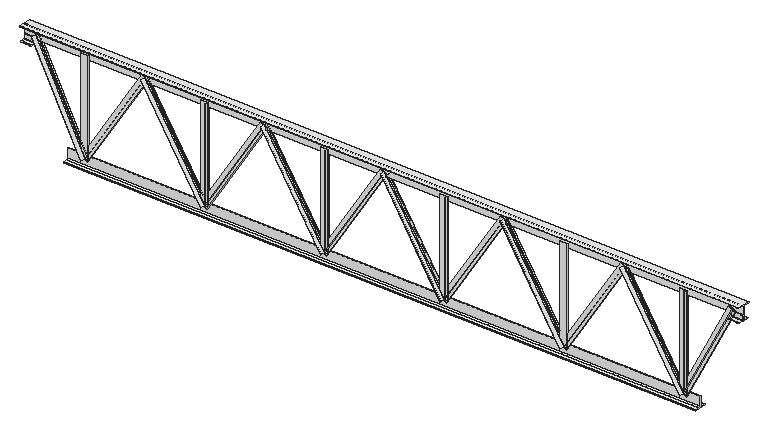
Revit family "Caibro da barra - Banzo com corte em T com trama com corte em T", category Quadro estrutural, Revit 2019
Family settings
  Arredondamento do comprimento do framing estrutural = 1 mm
  Forma do corte = Não definido
  Material para o comportamento do modelo = Aço
  Exportar sempre como geometria = Sim
  Sempre na vertical = Sim
  Corte com vazios quando carregada = Não
  Representação simbólica = Da família
  Compartilhado = Não
  Exibir o pré-corte da família na vista da planta = Sim
Parameters (values of type "WT D150")
  Material da rede [instance] = Metal - Aço - 250 MPa
  Tipo vertical [instance] = Vertical : WT 75X6.5
  Visibilidade do membro vertical = yes
  Tipo de banzo superior [instance] = Banzo superior : WT 155X19.35
  Structural Material [instance] = Metal - Aço - 250 MPa
  Deslocamento inicial [instance] = 0 mm
  Extensão inicial do cordão superior [instance] = 0 mm
  SpaceNum [instance] = 2 * Número da metade do espaço  # 12
  Espessura do perfil do assento = 6.4 mm
  Altura do perfil do assento = 76.2 mm
  Comprimento do assento = 150 mm
  Profundidade do assento [instance] = 200 mm
  Tipo diagonal [instance] = Diagonal : WT 75X6.5
  Linear = 1500 mm
  LarguraPainel [instance] = Length / SpaceNum  # 833.333 mm
  NumMatrizPainel 2 [instance] = Meio NúmeroMatrizPainel + 1  # 6
  NumMatrizPainel 1 [instance] = Meio NúmeroMatrizPainel  # 5
  NumMatrizPainel [instance] = SpaceNum - 3  # 9
  Altura do painel [instance] = Linear - Profundidade do assento  # 1300 mm
  Comprimento do deslocamento 2 [instance] = Painel final - Deslocamento final + Extensão final do cordão inferior  # 233.333 mm
  Comprimento do deslocamento 1 [instance] = Painel final - Deslocamento inicial + Extensão inicial do cordão inferior  # 233.333 mm
  Número da metade do espaço [instance] = 6
  Altura de metade do banzo [instance] = Profundidade do assento / 2  # 100 mm
  Tipo de banzo inferior [instance] = Banzo inferior : WT 155X19.35
  Extensão inicial do cordão inferior [instance] = -600 mm
  Extensão final do cordão inferior [instance] = -600 mm
  Meio NúmeroMatrizPainel [instance] = NumMatrizPainel / 2  # 5
  Painel final [instance] = LarguraPainel  # 833.333 mm
  Deslocamento final [instance] = 0 mm
  Extensão final do cordão superior [instance] = 0 mm
  Assembly Code = ""
  Length [instance] = 10000 mm
Reference planes
  plane 1 "Centro (Frente/Trás)": y = 0
  plane 2: z = 0
  plane 3 "Centro (Esquerda/Direita)": x = 458.446
  plane 4 "Membro esquerdo": x = -3381.554
  plane 5 "Membro direito": x = 3560.61
  plane 6: z = 750
  plane 7: z = -750
  plane 8 "Esquerda": x = -4541.554
  plane 9 "Símbolo esquerdo de verga": x = -5435.59
  plane 10 "Símbolo direito de verga": x = 6401.136
  plane 11 "Direita": x = 5458.446
  plane 12: x = -4391.554
  plane 13: x = -3708.221
  plane 14: x = 5308.446
  plane 15: x = 4625.112
  plane 16: x = -4541.554
  plane 17: x = 5458.446
  plane 18: x = -4541.554
  plane 19: x = 5458.446
  plane 20: x = 3791.779
  plane 21: x = 2958.446
  plane 22: x = -2874.888
  plane 23: x = -2041.554
  plane 24: x = -1208.221
  plane 25: x = -3941.554
  plane 26: x = 4858.446
  plane 27: x = -5435.59
  plane 28 "Esquerda do símbolo": x = -5435.59
  plane 29: x = 6401.136
  plane 30 "Direita do símbolo": x = 6401.136
  plane 31: z = 650
  plane 32: z = -650
  plane 33: z = 550
Forms (mm)
  Sweep 1, solid, material "Metal - Aço - 250 MPa" <- "Structural Material", detail levels medium+fine
    path origin (-4301.41, 2.9, 728.436) x (1, 0, 0) y (0, 0, -1)
      loop
        line (-240.144, 178.436) -> (-90.144, 178.436)
    profile "Assento - Perfil : Assento - Perfil" origin (-4466.554, 2.9, 550) x (0, 0, -1) y (0, 1, 0)
      loop
        arc (0, 76.2) -> (-4.525, 74.325) -> (-6.4, 69.8) r 6.4
        line (-6.4, 69.8) -> (-6.4, 12.8)
        arc (-6.4, 12.8) -> (-8.275, 8.275) -> (-12.8, 6.4) r 6.4
        line (-12.8, 6.4) -> (-69.8, 6.4)
        arc (-69.8, 6.4) -> (-74.325, 4.525) -> (-76.2, 0) r 6.4
        line (-76.2, 0) -> (0, 0) -> (0, 76.2)
  Sweep 2, solid, material "Metal - Aço - 250 MPa" <- "Structural Material", detail levels medium+fine
    path origin (-4656.222, -2.9, 613.886) x (1, 0, 0) y (0, 0, 1)
      loop
        line (264.668, -63.886) -> (114.668, -63.886)
    profile "Assento - Perfil : Assento - Perfil" origin (-4466.554, -2.9, 550) x (0, 0, -1) y (0, -1, 0)
      loop
        arc (0, 76.2) -> (-4.525, 74.325) -> (-6.4, 69.8) r 6.4
        line (-6.4, 69.8) -> (-6.4, 12.8)
        arc (-6.4, 12.8) -> (-8.275, 8.275) -> (-12.8, 6.4) r 6.4
        line (-12.8, 6.4) -> (-69.8, 6.4)
        arc (-69.8, 6.4) -> (-74.325, 4.525) -> (-76.2, 0) r 6.4
        line (-76.2, 0) -> (0, 0) -> (0, 76.2)
  Sweep 3, solid, material "Metal - Aço - 250 MPa" <- "Structural Material", detail levels medium+fine
    path origin (-4735.36, 2.9, 729.049) x (1, 0, 0) y (0, 0, -1)
      loop
        line (10043.805, 179.049) -> (10193.805, 179.049)
    profile "Assento - Perfil : Assento - Perfil" origin (5383.446, 2.9, 550) x (0, 0, -1) y (0, 1, 0)
      loop
        arc (0, 76.2) -> (-4.525, 74.325) -> (-6.4, 69.8) r 6.4
        line (-6.4, 69.8) -> (-6.4, 12.8)
        arc (-6.4, 12.8) -> (-8.275, 8.275) -> (-12.8, 6.4) r 6.4
        line (-12.8, 6.4) -> (-69.8, 6.4)
        arc (-69.8, 6.4) -> (-74.325, 4.525) -> (-76.2, 0) r 6.4
        line (-76.2, 0) -> (0, 0) -> (0, 76.2)
  Sweep 4, solid, material "Metal - Aço - 250 MPa" <- "Structural Material", detail levels medium+fine
    path origin (-4750.294, -2.9, 616.137) x (1, 0, 0) y (0, 0, 1)
      loop
        line (10208.74, -66.137) -> (10058.74, -66.137)
    profile "Assento - Perfil : Assento - Perfil" origin (5383.446, -2.9, 550) x (0, 0, -1) y (0, -1, 0)
      loop
        arc (0, 76.2) -> (-4.525, 74.325) -> (-6.4, 69.8) r 6.4
        line (-6.4, 69.8) -> (-6.4, 12.8)
        arc (-6.4, 12.8) -> (-8.275, 8.275) -> (-12.8, 6.4) r 6.4
        line (-12.8, 6.4) -> (-69.8, 6.4)
        arc (-69.8, 6.4) -> (-74.325, 4.525) -> (-76.2, 0) r 6.4
        line (-76.2, 0) -> (0, 0) -> (0, 76.2)
Lines and regions (mm)
  symbolic lines, style "StructuralFraming", detail levels coarse+medium
    curve 1: line (0, 0, -750) -> (0, 0, 750)
  reference lines
    curve 2: line (-5285.59, 0, -873.508) -> (-5285.59, 0, 829.692)
    curve 3: line (-4452.257, 0, -879.858) -> (-4452.257, 0, 829.692)
    curve 4: line (6251.136, 0, -820.588) -> (6251.136, 0, 831.812)
    curve 5: line (5417.803, 0, -947.588) -> (5417.803, 0, 831.812)
  model lines, style "Viga mestra da travessa", detail levels coarse
    curve 6: line (5417.803, 0, -750) -> (-4452.257, 0, -750)
    curve 7: line (6401.136, 0, 750) -> (-5435.59, 0, 750)
  model lines, style "Caibro da teia", detail levels coarse
    curve 8: line (-4452.257, 0, -750) -> (-5285.59, 0, 750)
    curve 9: line (5417.803, 0, -750) -> (6251.136, 0, 750)
Dimensions and locks
  equal spacing: plane 7, plane 2, plane 6
  "Length": plane 8 "Esquerda" to plane 11 "Direita"
  equal spacing: plane 8 "Esquerda", plane 3 "Centro (Esquerda/Direita)", plane 11 "Direita"
  "Painel final": curve 3 to curve 2
  "Painel final": curve 4 to curve 5
  "Linear": plane 7 to plane 6
  "Painel final": plane 8 "Esquerda" to plane 13
  "Painel final": plane 11 "Direita" to plane 15
  "Deslocamento inicial": plane 8 "Esquerda" to plane 18
  "Comprimento do assento": plane 18 to plane 12
  "Extensão inicial do cordão superior": plane 16 to plane 18
  "Deslocamento final": plane 19 to plane 11 "Direita"
  "Comprimento do assento": plane 14 to plane 19
  "Extensão final do cordão superior": plane 19 to plane 17
  "LarguraPainel": plane 15 to plane 20
  "LarguraPainel": plane 20 to plane 21
  "LarguraPainel": plane 13 to plane 22
  "LarguraPainel": plane 23 to plane 22
  "LarguraPainel": plane 24 to plane 23
  "Comprimento do deslocamento 1": plane 13 to plane 25
  "Comprimento do deslocamento 2": plane 26 to plane 15
  "Deslocamento inicial": plane 9 "Símbolo esquerdo de verga" to plane 27
  "Comprimento do assento": curve 2 to plane 27
  "Extensão inicial do cordão superior": plane 27 to plane 28 "Esquerda do símbolo"
  "Comprimento do assento": plane 29 to curve 4
  "Extensão final do cordão superior": plane 30 "Direita do símbolo" to plane 29
  "Deslocamento final": plane 10 "Símbolo direito de verga" to plane 29
  "Altura de metade do banzo": plane 6 to plane 31
  "Altura de metade do banzo": plane 32 to plane 7
  "Profundidade do assento": plane 6 to plane 33
  equal spacing: group 1, group 2, group 3, group 4, group 5, group 6  (x3)
  equal spacing: group 7, group 8, group 9, group 10, group 11  (x3)
  equal spacing: group 12, group 13, group 14, group 15, group 16  (x3)
  aligned and locked: curve 6 to plane 7
  aligned and locked: curve 7 to plane 6
  aligned and locked: curve 3 to curve 6
  aligned and locked: curve 5 to curve 6
  aligned and locked: curve 2 to curve 8
  aligned and locked: curve 4 to curve 9
  aligned and locked: plane 28 "Esquerda do símbolo" to curve 7
  aligned and locked: plane 30 "Direita do símbolo" to curve 7
  aligned and locked: nested 1 to plane 25
  aligned and locked: nested 1 to plane 26
  aligned and locked: plane 7 to nested 1
  aligned and locked: plane 1 "Centro (Frente/Trás)" to nested 1
  aligned and locked: nested 2 to plane 16
  aligned and locked: plane 17 to nested 2
  aligned and locked: plane 1 "Centro (Frente/Trás)" to nested 2
  aligned and locked: nested 3 to plane 13
  aligned and locked: nested 3 to plane 31
  aligned and locked: nested 3 to nested 2
  aligned and locked: plane 23 to nested 4
  aligned and locked: nested 4 to plane 31
  aligned and locked: nested 4 to nested 2
  aligned and locked: nested 9 to plane 12
  aligned and locked: plane 13 to nested 9
  aligned and locked: nested 9 to plane 32
  aligned and locked: nested 2 to nested 9
  aligned and locked: plane 31 to nested 9
  aligned and locked: plane 22 to nested 10
  aligned and locked: plane 31 to nested 10
  aligned and locked: nested 10 to nested 2
  aligned and locked: nested 11 to plane 24
  aligned and locked: plane 31 to nested 11
  aligned and locked: nested 11 to nested 2
  aligned and locked: plane 15 to nested 15
  aligned and locked: nested 15 to plane 14
  aligned and locked: plane 31 to nested 15
  aligned and locked: nested 15 to plane 32
  aligned and locked: nested 15 to nested 2
  aligned and locked: nested 16 to plane 23
  aligned and locked: nested 16 to plane 32
  aligned and locked: nested 2 to nested 16
  aligned and locked: nested 17 to plane 24
  aligned and locked: plane 31 to nested 17
  aligned and locked: nested 2 to nested 17
  aligned and locked: plane 33 to Sweep 2 sketch curve
  aligned and locked: plane 18 to Sweep 2 sketch curve
  aligned and locked: nested 9 to Sweep 2 sketch curve
  aligned and locked: plane 33 to Sweep 4 sketch curve
  aligned and locked: plane 19 to Sweep 4 sketch curve
  aligned and locked: plane 14 to Sweep 4 sketch curve
  aligned and locked: plane 33 to Sweep 3 sketch curve
  aligned and locked: plane 19 to Sweep 3 sketch curve
  aligned and locked: plane 14 to Sweep 3 sketch curve
  aligned and locked: plane 33 to Sweep 1 sketch curve
  aligned and locked: plane 18 to Sweep 1 sketch curve
  aligned and locked: plane 12 to Sweep 1 sketch curve
  aligned and locked: nested 2 to plane 6
Automatic sketch dimensions
  curve 1 to plane 1 "Centro (Frente/Trás)" = 0 mm
  curve 1 to plane 7 = 0 mm
  curve 1 to plane 6 = 0 mm
  plane 7 to curve 5 = 197.588 mm
  plane 7 to curve 3 = 129.858 mm
  plane 7 to curve 2 = 123.508 mm
  plane 7 to curve 4 = 70.588 mm
  curve 3 to plane 6 = 79.692 mm
  curve 2 to plane 6 = 79.692 mm
  curve 5 to plane 6 = 81.812 mm
  curve 4 to plane 6 = 81.812 mm
Nested families
  nested 1: "Banzo inferior" at (458.446, 0, -672.5), type <- "Tipo de banzo inferior", Material <- "Structural Material", type "WT 155X19.35"
    with Material Metal - Aço - 250 MPa, Comprimento 8800 mm, tw 5.8 mm, tf 9.7 mm, k 27 mm, d 155 mm, bf 165 mm
  nested 2: "Banzo superior" at (458.446, 0, 672.5), type <- "Tipo de banzo superior", Material <- "Structural Material", type "WT 155X19.35"
    with Material Metal - Aço - 250 MPa, Comprimento 10000 mm, tw 5.8 mm, tf 9.7 mm, k 27 mm, d 155 mm, bf 165 mm
  nested 3: "Vertical" at (-3708.221, -2.9, 0), Material <- "Material da rede", Altura do painel <- "Altura do painel", type <- "Tipo vertical", visible <- "Visibilidade do membro vertical", type "WT 75X6.5"
    with Altura do painel 1300 mm, Material Metal - Aço - 250 MPa
  nested 4: "Vertical" at (-2041.554, -2.9, 0), Material <- "Material da rede", Altura do painel <- "Altura do painel", type <- "Tipo vertical", visible <- "Visibilidade do membro vertical", type "WT 75X6.5"
    with Altura do painel 1300 mm, Material Metal - Aço - 250 MPa
  nested 5: "Vertical" at (-374.888, -2.9, 0), Material <- "Material da rede", Altura do painel <- "Altura do painel", type <- "Tipo vertical", visible <- "Visibilidade do membro vertical", type "WT 75X6.5"
    with Altura do painel 1300 mm, Material Metal - Aço - 250 MPa
  nested 6: "Vertical" at (1291.779, -2.9, 0), Material <- "Material da rede", Altura do painel <- "Altura do painel", type <- "Tipo vertical", visible <- "Visibilidade do membro vertical", type "WT 75X6.5"
    with Altura do painel 1300 mm, Material Metal - Aço - 250 MPa
  nested 7: "Vertical" at (2958.446, -2.9, 0), Material <- "Material da rede", Altura do painel <- "Altura do painel", type <- "Tipo vertical", visible <- "Visibilidade do membro vertical", type "WT 75X6.5"
    with Altura do painel 1300 mm, Material Metal - Aço - 250 MPa
  nested 8: "Vertical" at (4625.112, -2.9, 0), Material <- "Material da rede", Altura do painel <- "Altura do painel", type <- "Tipo vertical", visible <- "Visibilidade do membro vertical", type "WT 75X6.5"
    with Altura do painel 1300 mm, Material Metal - Aço - 250 MPa
  nested 9: "Diagonal" at (-3708.221, 2.9, 0) x (-1, 0, 0) z (0, 0, 1), type <- "Tipo diagonal", Material <- "Material da rede", type "WT 75X6.5"
    with Largura do painel 683.333 mm, Altura do painel 1300 mm, Material Metal - Aço - 250 MPa
  nested 10: "Diagonal" at (-3708.221, -2.9, 0), Largura do painel <- "LarguraPainel", Altura do painel <- "Altura do painel", Material <- "Material da rede", type <- "Tipo diagonal", type "WT 75X6.5"
    with Largura do painel 833.333 mm, Altura do painel 1300 mm, Material Metal - Aço - 250 MPa
  nested 11: "Diagonal" at (-2041.554, -2.9, 0), Largura do painel <- "LarguraPainel", Altura do painel <- "Altura do painel", Material <- "Material da rede", type <- "Tipo diagonal", type "WT 75X6.5"
    with Largura do painel 833.333 mm, Altura do painel 1300 mm, Material Metal - Aço - 250 MPa
  nested 12: "Diagonal" at (-374.888, -2.9, 0), Largura do painel <- "LarguraPainel", Altura do painel <- "Altura do painel", Material <- "Material da rede", type <- "Tipo diagonal", type "WT 75X6.5"
    with Largura do painel 833.333 mm, Altura do painel 1300 mm, Material Metal - Aço - 250 MPa
  nested 13: "Diagonal" at (1291.779, -2.9, 0), Largura do painel <- "LarguraPainel", Altura do painel <- "Altura do painel", Material <- "Material da rede", type <- "Tipo diagonal", type "WT 75X6.5"
    with Largura do painel 833.333 mm, Altura do painel 1300 mm, Material Metal - Aço - 250 MPa
  nested 14: "Diagonal" at (2958.446, -2.9, 0), Largura do painel <- "LarguraPainel", Altura do painel <- "Altura do painel", Material <- "Material da rede", type <- "Tipo diagonal", type "WT 75X6.5"
    with Largura do painel 833.333 mm, Altura do painel 1300 mm, Material Metal - Aço - 250 MPa
  nested 15: "Diagonal" at (4625.112, -2.9, 0), Material <- "Material da rede", type <- "Tipo diagonal", type "WT 75X6.5"
    with Largura do painel 683.333 mm, Altura do painel 1300 mm, Material Metal - Aço - 250 MPa
  nested 16: "Diagonal" at (-2041.554, 2.9, 0) x (-1, 0, 0) z (0, 0, 1), Material <- "Material da rede", Largura do painel <- "LarguraPainel", Altura do painel <- "Altura do painel", type <- "Tipo diagonal", type "WT 75X6.5"
    with Largura do painel 833.333 mm, Altura do painel 1300 mm, Material Metal - Aço - 250 MPa
  nested 17: "Diagonal" at (-374.888, 2.9, 0) x (-1, 0, 0) z (0, 0, 1), Material <- "Material da rede", Largura do painel <- "LarguraPainel", Altura do painel <- "Altura do painel", type <- "Tipo diagonal", type "WT 75X6.5"
    with Largura do painel 833.333 mm, Altura do painel 1300 mm, Material Metal - Aço - 250 MPa
  nested 18: "Diagonal" at (1291.779, 2.9, 0) x (-1, 0, 0) z (0, 0, 1), Material <- "Material da rede", Largura do painel <- "LarguraPainel", Altura do painel <- "Altura do painel", type <- "Tipo diagonal", type "WT 75X6.5"
    with Largura do painel 833.333 mm, Altura do painel 1300 mm, Material Metal - Aço - 250 MPa
  nested 19: "Diagonal" at (2958.446, 2.9, 0) x (-1, 0, 0) z (0, 0, 1), Material <- "Material da rede", Largura do painel <- "LarguraPainel", Altura do painel <- "Altura do painel", type <- "Tipo diagonal", type "WT 75X6.5"
    with Largura do painel 833.333 mm, Altura do painel 1300 mm, Material Metal - Aço - 250 MPa
  nested 20: "Diagonal" at (4625.112, 2.9, 0) x (-1, 0, 0) z (0, 0, 1), Material <- "Material da rede", Largura do painel <- "LarguraPainel", Altura do painel <- "Altura do painel", type <- "Tipo diagonal", type "WT 75X6.5"
    with Largura do painel 833.333 mm, Altura do painel 1300 mm, Material Metal - Aço - 250 MPa
Definition of nested family "Banzo inferior"
  Parameters
    tw = 4.3 mm
    tf = 4.9 mm
    k = 17 mm
    d = 74 mm
    bf = 100 mm
    Material [instance] = none
    Comprimento [instance] = 2239.956 mm
  Reference planes
    plane 1 "Centro (Frente/Trás)": y = 0
    plane 2: z = 0
    plane 3 "Centro (Esquerda/Direita)": x = 0
    plane 4: x = -1119.978
    plane 5: x = 1119.978
    plane 6: y = 50
    plane 7: z = 37
    plane 8: y = -50
    plane 9: z = -37
  Forms (mm)
    Sweep 1, solid, material <- "Material", detail levels medium+fine
      path origin (0, 0, 0) x (1, 0, 0) y (0, 1, 0)
        loop
          line (-1119.978, 0) -> (1119.978, 0)
      profile "TS - Perfil : TS - Perfil" origin (0, 0, 0) x (0, 1, 0) y (0, 0, 1)
        loop
          line (50, -37) -> (50, -32.1) -> (14.25, -32.1)
          arc (14.25, -32.1) -> (5.694, -28.556) -> (2.15, -20) r 12.1
          line (2.15, -20) -> (2.15, 37) -> (-2.15, 37) -> (-2.15, -20)
          arc (-2.15, -20) -> (-5.694, -28.556) -> (-14.25, -32.1) r 12.1
          line (-14.25, -32.1) -> (-50, -32.1) -> (-50, -37) -> (50, -37)
  Dimensions and locks
    "Comprimento": plane 4 to plane 5
    equal spacing: plane 6, plane 1 "Centro (Frente/Trás)", plane 8
    equal spacing: plane 7, plane 2, plane 9
    "bf": plane 6 to plane 8
    "d": plane 9 to plane 7
    equal spacing: plane 4, plane 3 "Centro (Esquerda/Direita)", plane 5
    aligned and locked: level to plane 2
    aligned and locked: plane 4 to Sweep 1 sketch curve
    aligned and locked: plane 5 to Sweep 1 sketch curve
    aligned and locked: plane 1 "Centro (Frente/Trás)" to Sweep 1 sketch curve
Definition of nested family "Banzo superior"
  Parameters
    tw = 4.3 mm
    tf = 4.9 mm
    k = 17 mm
    d = 74 mm
    bf = 100 mm
    Material [instance] = none
    Comprimento [instance] = 2239.956 mm
  Reference planes
    plane 1 "Centro (Frente/Trás)": y = 0
    plane 2: z = 0
    plane 3 "Centro (Esquerda/Direita)": x = 0
    plane 4: x = -1119.978
    plane 5: x = 1119.978
    plane 6: y = 50
    plane 7: z = 37
    plane 8: y = -50
    plane 9: z = -37
  Forms (mm)
    Sweep 1, solid, material <- "Material", detail levels medium+fine
      path origin (0, 0, 0) x (1, 0, 0) y (0, 1, 0)
        loop
          line (-1119.978, 0) -> (1119.978, 0)
      profile "TS - Perfil : TS - Perfil" origin (0, 0, 0) x (0, 1, 0) y (0, 0, 1)
        loop
          line (-50, 37) -> (-50, 32.1) -> (-14.25, 32.1)
          arc (-14.25, 32.1) -> (-5.694, 28.556) -> (-2.15, 20) r 12.1
          line (-2.15, 20) -> (-2.15, -37) -> (2.15, -37) -> (2.15, 20)
          arc (2.15, 20) -> (5.694, 28.556) -> (14.25, 32.1) r 12.1
          line (14.25, 32.1) -> (50, 32.1) -> (50, 37) -> (-50, 37)
  Dimensions and locks
    "Comprimento": plane 4 to plane 5
    equal spacing: plane 6, plane 1 "Centro (Frente/Trás)", plane 8
    equal spacing: plane 7, plane 2, plane 9
    "bf": plane 6 to plane 8
    "d": plane 9 to plane 7
    equal spacing: plane 4, plane 3 "Centro (Esquerda/Direita)", plane 5
    aligned and locked: level to plane 2
    aligned and locked: plane 4 to Sweep 1 sketch curve
    aligned and locked: plane 5 to Sweep 1 sketch curve
    aligned and locked: plane 1 "Centro (Frente/Trás)" to Sweep 1 sketch curve
Definition of nested family "Vertical"
  Parameters
    tw = 4.3 mm
    tf = 4.9 mm
    k = 17 mm
    d = 74 mm
    bf = 100 mm
    Altura do painel [instance] = 1570 mm
    Material [instance] = none
  Reference planes
    plane 1 "Centro (Frente/Trás)": y = 0
    plane 2: z = 0
    plane 3 "Centro (Esquerda/Direita)": x = 0
    plane 4: z = 785
    plane 5: z = -785
  Forms (mm)
    Sweep 1, solid, material <- "Material", detail levels medium+fine
      path in 3D
        loop
          line (0, 0, 785) -> (0, 0, -785)
      profile "TS - Perfil : TS - Perfil" origin (0, 0, 0) x (1, 0, 0) y (0, -1, 0)
        loop
          line (-50, 4.9) -> (-50, 0) -> (-14.25, 0)
          arc (-14.25, 0) -> (-5.694, -3.544) -> (-2.15, -12.1) r 12.1
          line (-2.15, -12.1) -> (-2.15, -69.1) -> (2.15, -69.1) -> (2.15, -12.1)
          arc (2.15, -12.1) -> (5.694, -3.544) -> (14.25, 0) r 12.1
          line (14.25, 0) -> (50, 0) -> (50, 4.9) -> (-50, 4.9)
  Lines and regions (mm)
    model lines, not visible, detail levels medium
      curve 1: line (0, 0, 785) -> (0, 0, -785)
    sketch lines
      curve 2: line (0, 0, 785) -> (0, 0, -785)
  Dimensions and locks
    equal spacing: plane 4, level, plane 5
    "Altura do painel": plane 4 to plane 5
    aligned and locked: level to plane 2
    aligned and locked: curve 1 to plane 3 "Centro (Esquerda/Direita)"
    aligned and locked: plane 4 to curve 1
    aligned and locked: plane 5 to curve 1
Definition of nested family "Diagonal"
  Parameters
    tw = 4.3 mm
    tf = 4.9 mm
    k = 17 mm
    d = 74 mm
    bf = 100 mm
    Largura do painel [instance] = 692.857 mm
    Altura do painel [instance] = 1570 mm
    Material [instance] = none
  Reference planes
    plane 1 "Centro (Frente/Trás)": y = 0
    plane 2: z = 0
    plane 3 "Centro (Esquerda/Direita)": x = 0
    plane 4: z = 785
    plane 5: z = -785
    plane 6: x = 692.857
  Forms (mm)
    Sweep 1, solid, material <- "Material", detail levels medium+fine
      path in 3D
        loop
          line (0, 0, -785) -> (692.857, 0, 785)
      profile "TS - Perfil : TS - Perfil" origin (346.429, 0, 0) x (-0.914873, 0, 0.403743) y (0, -1, 0)
        loop
          line (-50, 4.9) -> (-50, 0) -> (-14.25, 0)
          arc (-14.25, 0) -> (-5.694, -3.544) -> (-2.15, -12.1) r 12.1
          line (-2.15, -12.1) -> (-2.15, -69.1) -> (2.15, -69.1) -> (2.15, -12.1)
          arc (2.15, -12.1) -> (5.694, -3.544) -> (14.25, 0) r 12.1
          line (14.25, 0) -> (50, 0) -> (50, 4.9) -> (-50, 4.9)
  Lines and regions (mm)
    model lines
      curve 1: line (0, 0, 785) -> (692.857, 0, 785)
      curve 2: line (0, 0, -785) -> (0, 0, 785)
      curve 3: line (692.857, 0, -785) -> (0, 0, -785)
      curve 4: line (692.857, 0, 785) -> (692.857, 0, -785)
    model lines, not visible, detail levels medium
      curve 5: line (0, 0, -785) -> (692.857, 0, 785)
    sketch lines
      curve 6: line (0, 0, -785) -> (692.857, 0, 785)
  Dimensions and locks
    equal spacing: plane 4, level, plane 5
    "Largura do painel": plane 6 to plane 3 "Centro (Esquerda/Direita)"
    "Altura do painel": plane 4 to plane 5
    aligned and locked: level to plane 2
    aligned and locked: curve 1 to plane 4
    aligned and locked: curve 2 to plane 3 "Centro (Esquerda/Direita)"
    aligned and locked: plane 5 to curve 3
  Automatic sketch dimensions
    curve 5 to plane 6 = 0 mm
